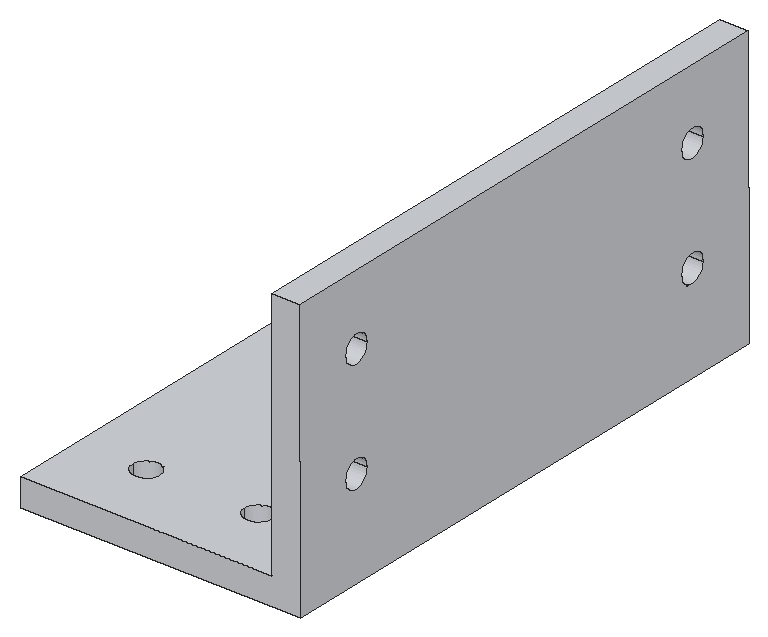
Revit family "GC - Piatto a L", category Generic Models, host Face, Revit 2018
Family settings
  Host = Face
  Can host rebar = No
  Round Connector Dimension = Use Diameter
  Part Type = Normal
  Cut with Voids When Loaded = No
  Shared = No
  Room Calculation Point = No
Parameters
  Piatto a L _ Spessore = 1.00 cm
  Piatto a L _ Raggio Foro = Piatto a L _ Diametro Foro / 2  # 0.50 cm
  Piatto a L _ Posizione Foro = Piatto a L _ Raggio Foro + 2.00 cm  # 2.50 cm
  Piatto a L _ Lunghezza = 10.00 cm
  Piatto a L _ Larghezza = 20.00 cm
  Piatto a L _ Diametro Foro = 1.00 cm
  Default Elevation = 121.92 cm
Reference planes (cm)
  plane 1 "Center (Front/Back)": y = 0
  plane 2: z = 0
  plane 3 "Center (Left/Right)": x = 0
  plane 4: x = -1
  plane 5: z = 1
  plane 6: z = 10
  plane 7: x = -10
  plane 8: y = -20
  plane 9: z = 7.5
  plane 10: y = -2.5
  plane 11: y = -17.5
  plane 12: z = 3.5
  plane 13: x = -7.5
  plane 14: x = -3.5
Forms (cm)
  Extrusion 1, solid
    sketch origin (0, 0, 0) x (1, 0, 0) y (0, 0, 1)
      loop
        line (0, 10) -> (-1, 10) -> (-1, 1) -> (-10, 1) -> (-10, 0) -> (0, 0) -> (0, 10)
    from 0 to 20
  Extrusion 2, void
    sketch origin (0, 0, 0) x (0, 1, 0) y (0, 0, 1)
      loop
        circle (-2.5, 7.5) r 0.5
    from -21.3479 to 25
  Extrusion 3, void
    sketch origin (0, 0, 0) x (0, 1, 0) y (0, 0, 1)
      loop
        circle (-17.5, 7.5) r 0.5
    from -6.132 to 25
  Extrusion 4, void
    sketch origin (0, 0, 0) x (0, 1, 0) y (0, 0, 1)
      loop
        circle (-2.5, 3.5) r 0.5
    from -7.043 to 25
  Extrusion 5, void
    sketch origin (0, 0, 0) x (0, 1, 0) y (0, 0, 1)
      loop
        circle (-17.5, 3.5) r 0.5
    from -7.043 to 25
  Extrusion 6, void
    sketch origin (0, 0, 0) x (1, 0, 0) y (0, 1, 0)
      loop
        circle (-7.5, -2.5) r 0.5
      loop
        circle (-7.5, -17.5) r 0.5
      loop
        circle (-3.5, -2.5) r 0.5
      loop
        circle (-3.5, -17.5) r 0.5
    from 0 to 25
Cuts and joins
  Extrusion 2, Extrusion 3, Extrusion 4, Extrusion 5, Extrusion 6 cuts Extrusion 1
Dimensions and locks (cm)
  "Piatto a L _ Lunghezza": plane 2 to plane 6
  "Piatto a L _ Lunghezza": plane 3 "Center (Left/Right)" to plane 7
  "Piatto a L _ Spessore": plane 3 "Center (Left/Right)" to plane 4
  "Piatto a L _ Spessore": plane 2 to plane 5
  "Piatto a L _ Larghezza": plane 1 "Center (Front/Back)" to plane 8
  "Piatto a L _ Posizione Foro": plane 6 to plane 9
  "Piatto a L _ Posizione Foro": plane 1 "Center (Front/Back)" to plane 10
  "Piatto a L _ Posizione Foro": plane 11 to plane 8
  "Piatto a L _ Posizione Foro": plane 12 to plane 5
  "Piatto a L _ Posizione Foro": plane 7 to plane 13
  "Piatto a L _ Posizione Foro": plane 14 to plane 4
  "Piatto a L _ Raggio Foro": radius of Extrusion 2 sketch curve
  "Piatto a L _ Raggio Foro": radius of Extrusion 3 sketch curve
  "Piatto a L _ Raggio Foro": radius of Extrusion 4 sketch curve
  "Piatto a L _ Raggio Foro": radius of Extrusion 5 sketch curve
  "Piatto a L _ Raggio Foro": radius of Extrusion 6 sketch curve  (x4)
  aligned and locked: plane 2 to host face
  aligned and locked: level to host face
  aligned and locked: Extrusion 1 sketch curve to plane 3 "Center (Left/Right)"
  aligned and locked: Extrusion 1 sketch curve to plane 6
  aligned and locked: Extrusion 1 sketch curve to plane 4
  aligned and locked: plane 2 to Extrusion 1 sketch curve
  aligned and locked: Extrusion 1 sketch curve to plane 7
  aligned and locked: Extrusion 1 sketch curve to plane 5
  aligned and locked: Extrusion 1 to plane 8
Automatic sketch dimensions
  host sketch curve to host sketch curve = 243.84 cm  (x2)
  Extrusion 2 sketch curve to plane 9 = 0.00 cm
  Extrusion 2 sketch curve to plane 10 = 0.00 cm
  Extrusion 3 sketch curve to plane 9 = 0.00 cm
  Extrusion 3 sketch curve to plane 11 = 0.00 cm
  Extrusion 4 sketch curve to plane 10 = 0.00 cm
  Extrusion 4 sketch curve to plane 12 = 0.00 cm
  Extrusion 5 sketch curve to plane 11 = 0.00 cm
  Extrusion 5 sketch curve to plane 12 = 0.00 cm
  plane 11 to Extrusion 6 sketch curve = 0.00 cm  (x2)
  Extrusion 6 sketch curve to plane 13 = 0.00 cm  (x2)
  plane 10 to Extrusion 6 sketch curve = 0.00 cm  (x2)
  Extrusion 6 sketch curve to plane 14 = 0.00 cm  (x2)
